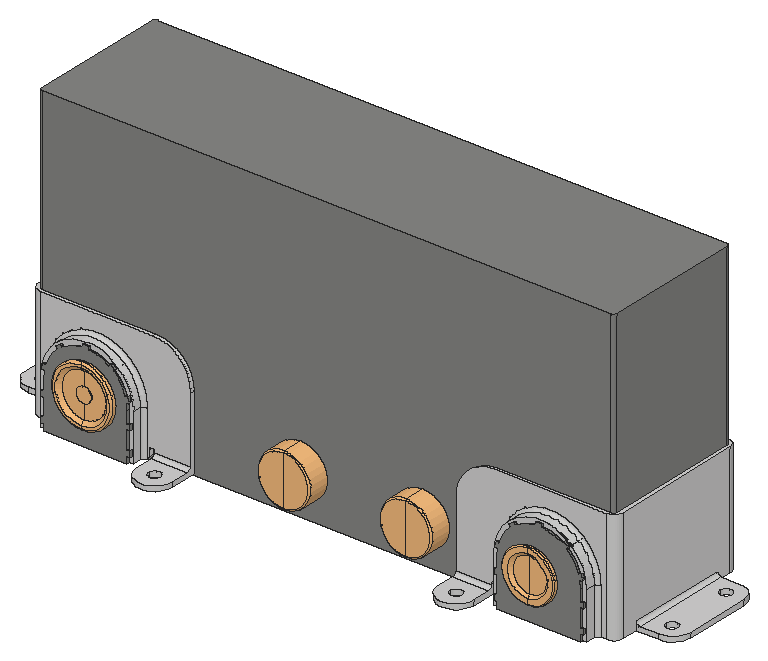
Revit family "Valve-Three_Outlet_Thermostatic-KOHLER-K-26341T_1", category Plumbing Fixtures, host Face, Revit 2017 (continued)
Definition of nested family "K-26341T"
  Automatic sketch dimensions
    curve 143 to curve 145 = 0"  (x2)
    curve 143 to curve 146 = 0"  (x2)
    curve 143 to curve 147 = 0"  (x2)
    curve 143 to curve 148 = 0"  (x2)
    curve 143 to curve 149 = 0"  (x2)
    curve 143 to curve 150 = 0"  (x2)
    curve 144 to curve 145 = 0"  (x2)
    curve 144 to curve 146 = 0"  (x2)
    curve 144 to curve 147 = 0"  (x2)
    curve 144 to curve 148 = 0"  (x2)
    curve 144 to curve 149 = 0"  (x2)
    curve 144 to curve 150 = 0"  (x2)
    curve 145 to curve 146 = 0"  (x2)
    curve 145 to curve 147 = 0"  (x2)
    curve 145 to curve 148 = 0"  (x2)
    curve 145 to curve 149 = 0"  (x2)
    curve 145 to curve 150 = 0"  (x2)
    curve 146 to curve 147 = 0"  (x2)
    curve 146 to curve 148 = 0"  (x2)
    curve 146 to curve 149 = 0"  (x2)
    curve 146 to curve 150 = 0"  (x2)
    curve 147 to curve 148 = 0"  (x2)
    curve 147 to curve 149 = 0"  (x2)
    curve 147 to curve 150 = 0"  (x2)
    curve 148 to curve 149 = 0"  (x2)
    curve 148 to curve 150 = 0"  (x2)
    curve 149 to curve 150 = 0"  (x2)
    curve 204 to curve 205 = 0"  (x2)
    curve 204 to curve 206 = 0"  (x2)
    curve 204 to curve 207 = 0"  (x2)
    curve 205 to curve 206 = 0"  (x2)
    curve 205 to curve 207 = 0"  (x2)
    curve 206 to curve 207 = 0"  (x2)
    curve 212 to curve 213 = 0"  (x2)
    curve 212 to curve 214 = 0"  (x2)
    curve 212 to curve 215 = 0"  (x2)
    curve 213 to curve 214 = 0"  (x2)
    curve 213 to curve 215 = 0"  (x2)
    curve 214 to curve 215 = 0"  (x2)
    curve 49 to plane 10 = 0"
    curve 40 to level = 0"
    curve 38 to plane 9 "1" = 0"
    curve 75 to level = 0"
    plane 20 to curve 215 = 0"
    curve 207 to plane 11 "A" = 0"
    plane 18 "3" to curve 207 = 0"
    curve 140 to plane 10 = 0"
    curve 132 to level = 0"
    plane 8 "2" to curve 149 = 0"
    curve 97 to level = 0"
    curve 146 to plane 11 "A" = 0"
    curve 214 to plane 11 "A" = 0"
    curve 33 to plane 10 = 0"
    curve 58 to plane 9 "1" = 0.04432"
    curve 56 to curve 58 = 0.43249"
    curve 55 to curve 56 = 0.03644"
    curve 54 to curve 56 = 0.09307"
    curve 55 to curve 53 = 0.03644"
    plane 10 to curve 51 = 0.26874"
    curve 51 to curve 54 = 0.24912"
    plane 10 to curve 52 = 0.15414"
    curve 52 to curve 51 = 0.02857"
    level to curve 40 = 0.1378"
    curve 40 to plane 9 "1" = 0.86125"
    curve 44 to curve 40 = 0"
    curve 47 to curve 44 = 0"
    plane 10 to curve 50 = 0.28306"
    curve 50 to curve 53 = 0.05742"
    curve 45 to curve 44 = 0.05906"
    curve 43 to curve 43 = 0.05906"
    plane 10 to curve 70 = 0.00264"
    curve 70 to curve 48 = 0.09843"
    plane 10 to curve 71 = 0.00659"
    curve 71 to curve 70 = 0.07874"
    plane 4 to curve 21 = 0.84646"
    curve 73 to curve 49 = 0"
    curve 72 to curve 73 = 0"
    plane 9 "1" to curve 60 = 0.07379"
    curve 61 to curve 63 = 0.43249"
    curve 61 to curve 63 = 0.03644"
    curve 61 to curve 64 = 0.09307"
    curve 65 to curve 64 = 0.03644"
    plane 10 to curve 68 = 0.26874"
    curve 68 to curve 73 = 0.14067"
    plane 10 to curve 66 = 0.15414"
    curve 65 to curve 66 = 0.02857"
    curve 75 to curve 84 = 0.09843"
    curve 78 to curve 75 = 0"
    plane 10 to curve 67 = 0.28306"
    curve 65 to curve 67 = 0.05742"
    curve 75 to curve 76 = 0.05906"
    curve 82 to curve 82 = 0.05906"
    curve 30 to curve 85 = 0.00197"
    curve 27 to curve 26 = 0.05118"
    curve 24 to curve 24 = 0.05906"
    curve 22 to plane 14 = 0.41339"
    level to curve 28 = 0.01969"
    plane 14 to curve 28 = 0.37402"
    plane 20 to curve 199 = 0.55703"
    curve 200 to curve 196 = 0.01718"
    curve 200 to plane 3 "Center (Left/Right)" = 0.01569"
    curve 199 to curve 197 = 0.01718"
    level to curve 93 = 0.01969"
    plane 17 to curve 93 = 0.37401"
    curve 90 to plane 17 = 0.37402"
    curve 86 to plane 17 = 0.41339"
    curve 89 to curve 89 = 0.05906"
    plane 10 to curve 142 = 0.00659"
    curve 142 to plane 17 = 0.54135"
    curve 142 to curve 95 = 0.00197"
    plane 10 to curve 141 = 0.00264"
    curve 129 to curve 141 = 0.07874"
    curve 130 to curve 139 = 0.03937"
    curve 141 to curve 133 = 0.03937"
    plane 10 to curve 124 = 0.16845"
    curve 130 to curve 124 = 7/128"
    plane 10 to curve 125 = 0.28306"
    curve 123 to curve 125 = 0.02857"
    curve 134 to curve 135 = 0.05906"
    curve 133 to curve 133 = 0.05906"
    curve 130 to curve 140 = 0.09843"
    level to curve 123 = 1.13839"
    plane 10 to curve 125 = 0.26874"
    plane 8 "2" to curve 119 = 0.44389"
    curve 119 to curve 121 = 0.03644"
    curve 119 to curve 120 = 0.09307"
    curve 119 to curve 120 = 0.03644"
    curve 117 to plane 8 "2" = 0.11811"
    curve 129 to curve 106 = 0"
    curve 130 to curve 106 = 0"
    curve 116 to curve 116 = 0.11811"
    curve 114 to curve 113 = 0.43249"
    curve 114 to curve 112 = 0.03644"
    curve 114 to curve 111 = 0.09307"
    curve 110 to curve 111 = 0.03644"
    plane 10 to curve 108 = 0.26874"
    curve 108 to curve 130 = 0.14067"
    plane 10 to curve 109 = 0.15414"
    curve 110 to curve 109 = 0.02857"
    curve 100 to curve 127 = 0.09843"
    curve 100 to curve 97 = 0"
    plane 10 to curve 107 = 0.28306"
    curve 110 to curve 107 = 0.05742"
    curve 101 to curve 102 = 0.05906"
    curve 97 to curve 99 = 0.05906"
    plane 19 to curve 86 = 0.84646"
    level to curve 95 = 0.01969"
    level to curve 30 = 0.01969"
    curve 84 to curve 76 = 0.11811"
    curve 95 to curve 132 = 0.11811"
    curve 97 to curve 98 = 0.1378"
    curve 26 to curve 24 = 0.14564"
    curve 91 to curve 91 = 0.14564"
    curve 75 to curve 78 = 0.11811"
    curve 41 to curve 42 = 0.11811"
    curve 133 to curve 134 = 0.11811"
    curve 98 to curve 99 = 0.11811"
    plane 11 "A" to curve 137 = 0.25591"
    plane 11 "A" to curve 45 = 0.25591"
    plane 11 "A" to curve 80 = 0.25591"
    plane 11 "A" to curve 103 = 0.25591"
    curve 80 to curve 82 = 0.11811"
    curve 102 to curve 103 = 0.11811"
    curve 136 to curve 140 = 0.11811"
    curve 44 to curve 48 = 0.11811"
    plane 10 to curve 88 = 0.61024"
    plane 10 to curve 23 = 0.61024"
    curve 110 to curve 112 = 0.04664"
    curve 65 to curve 62 = 0.04664"
    curve 121 to curve 119 = 0.04664"
    curve 53 to curve 54 = 0.04664"
    curve 114 to curve 115 = 0.05918"
    curve 57 to curve 58 = 0.05918"
    plane 10 to curve 199 = 2.24135"
    curve 198 to curve 200 = 0.38428"
    curve 199 to curve 194 = 0.47517"
    curve 200 to curve 195 = 0.47517"
    curve 194 to curve 197 = 1.1811"
    curve 195 to curve 194 = 1.1811"
    curve 151 to plane 7 = 0.37402"
    plane 4 to curve 151 = 0.94488"
    level to curve 31 = 0.01969"
    curve 31 to curve 74 = 0.32315"
    plane 3 "Center (Left/Right)" to curve 198 = 0.00149"
    plane 19 to curve 151 = 0.94488"
    level to curve 96 = 0.01969"
    curve 131 to curve 96 = 0.32315"
    curve 88 to curve 94 = 0.09843"
    curve 29 to curve 25 = 0.09839"
    level to curve 207 = 0.33465"
    level to curve 212 = 0.33465"
    level to curve 150 = 0.33465"
    level to curve 36 = 0.34445"
    curve 143 to curve 144 = 0.01969"
    curve 204 to curve 206 = 0.02833"
    curve 212 to curve 213 = 0.02833"
    curve 35 to curve 34 = 0.03942"
    curve 37 to curve 38 = 0.05704"
    curve 144 to curve 145 = 0.11308"
    curve 33 to curve 39 = 0.07881"
    curve 145 to curve 146 = 0.05913"
    plane 15 to Extrusion 1 sketch curve = 0"
    Extrusion 1 sketch curve to plane 16 = 0"
    plane 15 to Extrusion 1 sketch curve = 0.07874"  (x2)
    plane 4 to Extrusion 1 sketch curve = 0.94488"
    Extrusion 1 sketch curve to Extrusion 1 sketch curve = 0.07874"  (x2)
    plane 19 to Extrusion 1 sketch curve = 1.02362"
    plane 4 to Extrusion 2 sketch curve = 0.84646"
    level to Extrusion 2 sketch curve = 0.01969"  (x4)
    Extrusion 2 sketch curve to plane 14 = 0.54331"
    Extrusion 2 sketch curve to Extrusion 2 sketch curve = 0.05118"  (x2)
    Extrusion 2 sketch curve to Extrusion 2 sketch curve = 0.05906"  (x2)
    Extrusion 2 sketch curve to plane 14 = 0.41339"
    plane 14 to Extrusion 2 sketch curve = 0.37402"
    plane 17 to Extrusion 2 sketch curve = 0.37401"
    Extrusion 2 sketch curve to plane 17 = 0.37402"
    Extrusion 2 sketch curve to plane 17 = 0.41339"
    plane 19 to Extrusion 2 sketch curve = 0.84646"
    Extrusion 2 sketch curve to Extrusion 2 sketch curve = 0.14564"  (x2)
    plane 10 to Extrusion 2 sketch curve = 0.61024"  (x2)
    Sweep 3 sketch curve to profile plane = 0"  (x2)
    Sweep 3 sketch curve to profile plane = 0.19685"
    Sweep 4 sketch curve to profile plane = 0"  (x2)
    Sweep 4 sketch curve to profile plane = 0.19685"
    profile plane to Sweep 5 sketch curve = 0"
    Sweep 5 sketch curve to profile plane = 0"
    Sweep 5 sketch curve to Sweep 5 sketch curve = 0.19685"
    profile plane to Sweep 6 sketch curve = 0"
    Sweep 6 sketch curve to profile plane = 0"
    Sweep 6 sketch curve to profile plane = 0.19685"
    Extrusion 7 sketch curve to Extrusion 7 sketch curve = 0"  (x12)
    Extrusion 7 sketch curve to plane 4 = 0"
    Extrusion 7 sketch curve to plane 14 = 0"  (x2)
    Extrusion 7 sketch curve to plane 19 = 0"
    plane 4 to Extrusion 7 sketch curve = 0.37402"  (x2)
    Extrusion 7 sketch curve to Extrusion 7 sketch curve = 0.47244"
    Extrusion 7 sketch curve to plane 15 = 0.07874"  (x2)
    Extrusion 7 sketch curve to plane 14 = 0.37401"  (x2)
    Extrusion 7 sketch curve to plane 16 = 0.07874"  (x2)
    plane 17 to Extrusion 7 sketch curve = 0.374"  (x2)
    Extrusion 7 sketch curve to plane 17 = 0"  (x2)
    plane 15 to Extrusion 7 sketch curve = 0.45276"
    plane 19 to Extrusion 7 sketch curve = 0.84646"
    plane 19 to Extrusion 7 sketch curve = 0.37402"  (x2)
    plane 13 to Extrusion 7 sketch curve = 0.07874"  (x2)
    plane 16 to Extrusion 7 sketch curve = 0.45276"  (x2)
    Extrusion 7 sketch curve to Extrusion 7 sketch curve = 0.01969"  (x4)
    Extrusion 7 sketch curve to plane 1 "Center (Front/Back)" = 0.68898"
    plane 12 to Extrusion 7 sketch curve = 0.07874"  (x2)
    level to Extrusion 8 sketch curve = 0.01969"  (x2)
    Extrusion 8 sketch curve to plane 9 "1" = 0.95968"
    plane 10 to Extrusion 8 sketch curve = 0.00264"
    plane 9 "1" to Extrusion 8 sketch curve = 0.01473"
    plane 10 to Extrusion 8 sketch curve = 0.00659"
    Extrusion 8 sketch curve to plane 17 = 0.62009"
    Extrusion 8 sketch curve to plane 8 "2" = 0.17717"
    Extrusion 9 sketch curve to Extrusion 9 sketch curve = 0"  (x66)
    Extrusion 9 sketch curve to level = 0"  (x2)
    Extrusion 9 sketch curve to plane 10 = 0"  (x3)
    Extrusion 9 sketch curve to plane 9 "1" = 0"
    plane 8 "2" to Extrusion 9 sketch curve = 0"
    Extrusion 9 sketch curve to plane 11 "A" = 0"
    Extrusion 9 sketch curve to plane 9 "1" = 0.04432"
    Extrusion 9 sketch curve to Extrusion 9 sketch curve = 0.43249"  (x3)
    Extrusion 9 sketch curve to Extrusion 9 sketch curve = 0.03644"  (x8)
    Extrusion 9 sketch curve to Extrusion 9 sketch curve = 0.09307"  (x4)
    plane 10 to Extrusion 9 sketch curve = 0.26874"  (x4)
    Extrusion 9 sketch curve to Extrusion 9 sketch curve = 0.24912"  (x3)
    plane 10 to Extrusion 9 sketch curve = 0.15414"  (x3)
    Extrusion 9 sketch curve to Extrusion 9 sketch curve = 0.02857"  (x4)
    Extrusion 9 sketch curve to Extrusion 9 sketch curve = 0.01367"
    plane 10 to Extrusion 9 sketch curve = 0.28306"  (x4)
    Extrusion 9 sketch curve to Extrusion 9 sketch curve = 0.05742"  (x3)
    Extrusion 9 sketch curve to Extrusion 9 sketch curve = 0.05906"  (x9)
    plane 9 "1" to Extrusion 9 sketch curve = 0.07379"
    Extrusion 9 sketch curve to plane 14 = 0.7185"
    plane 11 "A" to Extrusion 9 sketch curve = 0.1378"
    Extrusion 9 sketch curve to plane 17 = 0.65946"
    plane 10 to Extrusion 9 sketch curve = 0.16845"
    Extrusion 9 sketch curve to Extrusion 9 sketch curve = 0.0153"
    level to Extrusion 9 sketch curve = 1.13839"
    plane 8 "2" to Extrusion 9 sketch curve = 0.44389"
    Extrusion 9 sketch curve to plane 8 "2" = 0.11811"
    Extrusion 9 sketch curve to Extrusion 9 sketch curve = 0.11811"  (x9)
    Extrusion 9 sketch curve to Extrusion 9 sketch curve = 0.1378"  (x3)
    level to Extrusion 9 sketch curve = 0.1378"
    plane 11 "A" to Extrusion 9 sketch curve = 0.25591"  (x3)
    Extrusion 9 sketch curve to Extrusion 9 sketch curve = 0.04664"  (x4)
    Extrusion 9 sketch curve to Extrusion 9 sketch curve = 0.05918"  (x2)
    Revolve 10 sketch curve to plane 10 = 0"  (x3)
    Revolve 10 sketch curve to plane 13 = 0"
    Revolve 10 sketch curve to plane 12 = 0"
    Revolve 10 sketch curve to plane 15 = 0"
    Revolve 10 sketch curve to plane 16 = 0"
    Revolve 10 sketch curve to plane 12 = 0.07881"
    plane 10 to Revolve 10 sketch curve = 0.46454"  (x2)
    Revolve 10 sketch curve to plane 13 = 0.07881"
    Revolve 10 sketch curve to Revolve 10 sketch curve = 0.07881"  (x2)
    Revolve 10 sketch curve to Revolve 10 sketch curve = 0.05704"  (x2)
    Revolve 10 sketch curve to Revolve 10 sketch curve = 0.03942"
    Revolve 10 sketch curve to Revolve 10 sketch curve = 0.17527"
    Revolve 10 sketch curve to plane 12 = 0.03942"
    Revolve 10 sketch curve to plane 13 = 0.03942"
    plane 5 to Revolve 10 sketch curve = 0.19685"
    Revolve 10 sketch curve to Revolve 10 sketch curve = 0.07874"
    plane 11 "A" to Revolve 11 sketch curve = 0"  (x3)
    Revolve 11 sketch curve to plane 13 = 0.07881"
    plane 10 to Revolve 11 sketch curve = 0.26086"  (x2)
    Revolve 11 sketch curve to plane 12 = 0.07881"
    Revolve 11 sketch curve to plane 12 = 0.01969"
    Revolve 11 sketch curve to Revolve 11 sketch curve = 0.05913"  (x2)
    Revolve 11 sketch curve to plane 13 = 0.01969"
    Revolve 11 sketch curve to Revolve 11 sketch curve = 0.11308"  (x2)
    Revolve 11 sketch curve to plane 13 = 0.04488"
    Revolve 11 sketch curve to Revolve 11 sketch curve = 0.01969"  (x2)
    Revolve 11 sketch curve to Revolve 11 sketch curve = 0.0252"
    Revolve 11 sketch curve to plane 15 = 0.09843"
    Revolve 11 sketch curve to plane 16 = 0.09843"
    plane 5 to Revolve 11 sketch curve = 0.32325"
    Revolve 11 sketch curve to plane 6 = 0.16487"
    profile plane to Sweep 12 sketch curve = 0"
    Sweep 12 sketch curve to profile plane = 0"
    Sweep 12 sketch curve to Sweep 12 sketch curve = 0.07874"
    Sweep 13 sketch curve to profile plane = 0"
    profile plane to Sweep 13 sketch curve = 0"
    profile plane to Sweep 13 sketch curve = 0.07874"
    profile plane to Sweep 14 sketch curve = 0"
    Sweep 14 sketch curve to profile plane = 0"
    Sweep 14 sketch curve to Sweep 14 sketch curve = 0.07874"
    Extrusion 15 sketch curve to plane 16 = 0.15748"
    Extrusion 15 sketch curve to Extrusion 15 sketch curve = 0.07874"  (x2)
    Extrusion 15 sketch curve to plane 15 = 0.07874"
    level to Extrusion 15 sketch curve = 0.11811"  (x2)
    Extrusion 16 sketch curve to plane 16 = 0.15748"
    Extrusion 16 sketch curve to Extrusion 16 sketch curve = 0.07874"  (x2)
    Extrusion 16 sketch curve to plane 15 = 0.07874"
    level to Extrusion 16 sketch curve = 0.11811"  (x2)
    plane 15 to Masking region 1 sketch curve = 0.11811"  (x2)
    Masking region 1 sketch curve to plane 15 = 0.07874"
    Masking region 1 sketch curve to plane 16 = 0.07874"
    Masking region 1 sketch curve to Masking region 1 sketch curve = 0.19685"
    Masking region 1 sketch curve to Masking region 1 sketch curve = 5.93504"  (x2)
    Masking region 2 sketch curve to plane 4 = 0"
    Masking region 2 sketch curve to level = 0"
    Masking region 2 sketch curve to plane 7 = 0"
    plane 19 to Masking region 2 sketch curve = 0"
    level to Masking region 2 sketch curve = 0.11811"  (x2)
    plane 4 to Masking region 2 sketch curve = 0.76772"
    plane 4 to Masking region 2 sketch curve = 0.84646"
    level to Masking region 2 sketch curve = 0.01969"  (x2)
    Masking region 2 sketch curve to Masking region 2 sketch curve = 0.15104"
    Masking region 2 sketch curve to Masking region 2 sketch curve = 0.02612"  (x2)
    plane 4 to Masking region 2 sketch curve = 0.94488"
    plane 19 to Masking region 2 sketch curve = 0.94488"  (x2)
    Masking region 2 sketch curve to Masking region 2 sketch curve = 0.0723"
    Masking region 2 sketch curve to Masking region 2 sketch curve = 0.07874"
    plane 10 to Masking region 2 sketch curve = 1.39764"  (x2)
    Masking region 3 sketch curve to plane 7 = 0"
    Masking region 3 sketch curve to plane 15 = 0"
    Masking region 3 sketch curve to plane 16 = 0"
    Masking region 3 sketch curve to plane 12 = 0"
    Masking region 3 sketch curve to plane 13 = 0"
    Masking region 3 sketch curve to plane 5 = 0"
    Masking region 3 sketch curve to plane 6 = 0"
    Masking region 3 sketch curve to level = 0"
    Masking region 3 sketch curve to plane 15 = 0.07874"
    plane 10 to Masking region 3 sketch curve = 1.39764"  (x2)
    Masking region 3 sketch curve to Masking region 3 sketch curve = 0.33789"  (x2)
    Masking region 3 sketch curve to plane 16 = 0.07874"
    Masking region 3 sketch curve to Masking region 3 sketch curve = 0.07874"  (x3)
    Masking region 3 sketch curve to Masking region 3 sketch curve = 0.04783"  (x2)
    Masking region 3 sketch curve to plane 12 = 0.05906"
    Masking region 3 sketch curve to Masking region 3 sketch curve = 0.27373"
    Masking region 3 sketch curve to plane 13 = 0.09843"
    Masking region 3 sketch curve to Masking region 3 sketch curve = 0.29337"
    Masking region 3 sketch curve to Masking region 3 sketch curve = 0.05906"
    Masking region 3 sketch curve to Masking region 3 sketch curve = 0.03942"
    level to Masking region 3 sketch curve = 0.38387"  (x2)
    Masking region 3 sketch curve to plane 12 = 0.01969"
    Masking region 3 sketch curve to Masking region 3 sketch curve = 0.02954"
    Masking region 3 sketch curve to plane 13 = 0.04488"
    Masking region 3 sketch curve to Masking region 3 sketch curve = 0.04922"
    Masking region 3 sketch curve to Masking region 3 sketch curve = 0.03076"
    Masking region 3 sketch curve to Masking region 3 sketch curve = 0.11811"
    level to Masking region 3 sketch curve = 0.11811"
    level to Masking region 3 sketch curve = 0.01969"  (x2)
    Masking region 3 sketch curve to plane 12 = 0.03293"
    Masking region 3 sketch curve to Masking region 3 sketch curve = 0.02612"  (x2)
    Masking region 3 sketch curve to Masking region 3 sketch curve = 0.03937"  (x2)
    Masking region 3 sketch curve to Masking region 3 sketch curve = 0.05354"
    Masking region 3 sketch curve to plane 13 = 0.05906"
    Masking region 3 sketch curve to plane 13 = 0.03942"
    curve 173 to plane 16 = 0"
    curve 173 to plane 15 = 0"
    curve 191 to plane 13 = 0"
    curve 172 to plane 12 = 0"
    curve 178 to plane 1 "Center (Front/Back)" = 0"
    curve 177 to level = 0"
    curve 179 to level = 0"
    curve 158 to level = 0"
    curve 160 to level = 0"
    curve 160 to plane 15 = 0"
    curve 179 to plane 16 = 0"
    level to curve 159 = 0.01969"
    curve 208 to curve 208 = 0.1381"
    curve 155 to curve 155 = 0.13977"
    curve 191 to plane 13 = 0.03942"
    curve 191 to curve 176 = 0.32476"
    curve 152 to plane 15 = 0.07874"
    plane 10 to curve 152 = 1.39764"
    curve 157 to plane 12 = 0.1378"
    plane 15 to curve 208 = 0.32889"
    curve 208 to curve 209 = 0.06193"
    plane 16 to curve 155 = 0.45276"
    curve 155 to curve 211 = 0.06314"
    curve 175 to plane 16 = 0.07874"
    curve 176 to plane 13 = 0.1378"
    level to curve 174 = 0.01969"
    curve 192 to curve 177 = 0.01969"
    curve 155 to curve 154 = 0.04134"
    curve 161 to curve 157 = 0.11811"
    curve 180 to curve 192 = 0.11811"
    curve 193 to curve 181 = 0.08854"
    curve 162 to plane 12 = 0.05906"
    curve 162 to curve 161 = 0.11811"
    curve 171 to plane 12 = 0.03942"
    curve 171 to curve 162 = 0.083"
    curve 172 to curve 171 = 0.00554"
    curve 172 to curve 172 = 0.03942"
    curve 191 to curve 190 = 0.03942"
    curve 182 to plane 13 = 0.09843"
    plane 11 "A" to curve 182 = 0.25591"
    curve 163 to curve 172 = 0.24605"
    curve 164 to curve 163 = 0.11811"
    curve 183 to curve 182 = 0.11811"
    plane 10 to curve 184 = 0.15414"
    plane 10 to curve 165 = 0.15414"
    curve 185 to curve 184 = 0.01432"
    curve 166 to curve 165 = 0.01432"
    curve 167 to curve 166 = 0.1146"
    curve 186 to curve 185 = 0.1146"
    curve 190 to curve 186 = 0.35675"
    curve 171 to curve 167 = 0.35675"
    curve 168 to curve 171 = 0.01255"
    curve 187 to curve 190 = 0.01255"
    curve 169 to curve 168 = 0.04664"
    curve 188 to curve 187 = 0.04664"
    curve 170 to curve 169 = 0.07272"
    curve 189 to curve 188 = 0.07272"
    curve 158 to curve 170 = 0.16146"
    curve 177 to curve 189 = 0.16146"
    curve 157 to curve 158 = 0.04783"
    curve 176 to curve 177 = 0.04783"
    curve 173 to plane 7 = 0.26084"
    plane 12 to curve 174 = 0.12123"
    curve 160 to plane 15 = 0.02811"
    curve 179 to plane 16 = 0.02811"
    plane 13 to curve 192 = 0.12123"
    plane 15 to Extrusion 17 sketch curve = 0"
    Extrusion 17 sketch curve to plane 16 = 0"
    plane 4 to Extrusion 17 sketch curve = 0.94488"
    plane 19 to Extrusion 17 sketch curve = 0.94488"
    Extrusion 18 sketch curve to level = 0"  (x2)
    Extrusion 18 sketch curve to plane 9 "1" = 0.86125"
    plane 10 to Extrusion 18 sketch curve = 0.00545"  (x2)
    plane 9 "1" to Extrusion 18 sketch curve = 0.01473"
    plane 8 "2" to Extrusion 18 sketch curve = 0.69882"
    Extrusion 18 sketch curve to plane 8 "2" = 0.17717"
    plane 15 to Extrusion 19 sketch curve = 0"  (x2)
    Extrusion 19 sketch curve to plane 16 = 0"  (x2)
    Extrusion 19 sketch curve to plane 16 = 0.07874"  (x2)
    plane 4 to Extrusion 19 sketch curve = 0.84646"
    Extrusion 19 sketch curve to Extrusion 19 sketch curve = 0.09843"  (x2)
    plane 14 to Extrusion 19 sketch curve = 0.37402"  (x2)
    plane 17 to Extrusion 19 sketch curve = 0.37401"  (x2)
    plane 19 to Extrusion 19 sketch curve = 0.94488"
    Extrusion 19 sketch curve to plane 15 = 0.07874"
    Extrusion 19 sketch curve to Extrusion 19 sketch curve = 0.07874"
    Extrusion 20 sketch curve to Extrusion 20 sketch curve = 0"  (x16)
    Extrusion 20 sketch curve to plane 4 = 0"
    Extrusion 20 sketch curve to plane 5 = 0"  (x2)
    plane 6 to Extrusion 20 sketch curve = 0"  (x2)
    Extrusion 20 sketch curve to plane 19 = 0"
    plane 4 to Extrusion 20 sketch curve = 0.37402"  (x2)
    Extrusion 20 sketch curve to Extrusion 20 sketch curve = 0.47244"
    Extrusion 20 sketch curve to plane 14 = 0.37401"  (x2)
    Extrusion 20 sketch curve to plane 16 = 0.07874"  (x2)
    plane 14 to Extrusion 20 sketch curve = 0"  (x2)
    plane 14 to Extrusion 20 sketch curve = 0.37402"  (x2)
    plane 17 to Extrusion 20 sketch curve = 0.374"  (x2)
    Extrusion 20 sketch curve to plane 17 = 0"  (x2)
    Extrusion 20 sketch curve to plane 15 = 0.07874"  (x2)
    Extrusion 20 sketch curve to plane 17 = 0.37402"  (x2)
    plane 19 to Extrusion 20 sketch curve = 0.84646"
    plane 19 to Extrusion 20 sketch curve = 0.37402"  (x2)
    plane 13 to Extrusion 20 sketch curve = 0.07874"  (x2)
    plane 16 to Extrusion 20 sketch curve = 0.45276"  (x2)
    Extrusion 20 sketch curve to Extrusion 20 sketch curve = 0.35433"  (x4)
    Extrusion 20 sketch curve to plane 1 "Center (Front/Back)" = 0.70866"  (x2)
    plane 12 to Extrusion 20 sketch curve = 0.07874"  (x2)
    Extrusion 20 sketch curve to Extrusion 20 sketch curve = 0.12598"  (x4)
    Extrusion 20 sketch curve to plane 14 = 0.12598"  (x2)
    plane 17 to Extrusion 20 sketch curve = 0.12597"  (x2)
    Extrusion 21 sketch curve to plane 9 "1" = 0"
    Extrusion 21 sketch curve to plane 10 = 0"
    Extrusion 22 sketch curve to plane 9 "1" = 0"
    plane 8 "2" to Extrusion 22 sketch curve = 0"
    Extrusion 22 sketch curve to plane 11 "A" = 0"
    Extrusion 22 sketch curve to plane 10 = 0"
    level to Extrusion 23 sketch curve = 0.11811"  (x2)
    plane 4 to Extrusion 23 sketch curve = 0.76772"
    Extrusion 23 sketch curve to Extrusion 23 sketch curve = 0.07874"  (x2)
    plane 19 to Extrusion 23 sketch curve = 0.84646"
    Revolve 24 sketch curve to plane 15 = 0"
    Revolve 24 sketch curve to plane 16 = 0"
    plane 11 "A" to Revolve 24 sketch curve = 0"  (x3)
    Revolve 24 sketch curve to plane 13 = 0.01969"
    plane 10 to Revolve 24 sketch curve = 0.42443"  (x2)
    Revolve 24 sketch curve to plane 12 = 0.01969"
    Revolve 24 sketch curve to Revolve 24 sketch curve = 0.02833"  (x3)
    Revolve 24 sketch curve to plane 12 = 0.04801"
    plane 5 to Revolve 24 sketch curve = 1.51581"
    plane 6 to Revolve 24 sketch curve = 0.49208"
    Sweep 25 sketch curve to profile plane = 0"
    profile plane to Sweep 25 sketch curve = 0"
    profile plane to Sweep 25 sketch curve = 0.07874"
    Extrusion 26 sketch curve to Extrusion 26 sketch curve = 0"  (x4)
    Extrusion 26 sketch curve to plane 11 "A" = 0"  (x2)
    plane 20 to Extrusion 26 sketch curve = 0"
    plane 18 "3" to Extrusion 26 sketch curve = 0"
    level to Extrusion 26 sketch curve = 0.33465"  (x2)
    Revolve 27 sketch curve to plane 15 = 0"
    Revolve 27 sketch curve to plane 16 = 0"
    plane 11 "A" to Revolve 27 sketch curve = 0"  (x3)
    Revolve 27 sketch curve to plane 13 = 0.01969"
    plane 10 to Revolve 27 sketch curve = 0.42443"  (x2)
    Revolve 27 sketch curve to plane 12 = 0.01969"
    Revolve 27 sketch curve to Revolve 27 sketch curve = 0.02833"  (x3)
    Revolve 27 sketch curve to plane 12 = 0.04801"
    plane 5 to Revolve 27 sketch curve = 1.51581"
    plane 6 to Revolve 27 sketch curve = 0.49208"
    curve 216 to Revolve 28 sketch curve = 0.15748"
    Revolve 28 sketch curve to curve 216 = 0.20097"
    curve 216 to Revolve 28 sketch curve = 0.09752"
    curve 216 to Revolve 28 sketch curve = 0.38443"
    Revolve 29 sketch curve to curve 217 = 0"
    Revolve 29 sketch curve to curve 217 = 0.08207"
    Revolve 29 sketch curve to curve 217 = 0.15748"
    Revolve 29 sketch curve to Revolve 29 sketch curve = 0.9252"
    curve 218 to Revolve 30 sketch curve = 0.49049"
    curve 218 to Revolve 30 sketch curve = 0.73125"
    Revolve 30 sketch curve to curve 218 = 0.15748"
    Revolve 30 sketch curve to Revolve 30 sketch curve = 0.07202"
    curve 216 to plane 20 = 0"
    curve 217 to plane 18 "3" = 0"
    curve 218 to plane 8 "2" = 0"
    plane 16 to Masking region 1 sketch curve = 0.11811"
    plane 4 to Masking region 1 sketch curve = 1.04331"
    Masking region 1 sketch curve to Masking region 1 sketch curve = 1.496"
    Masking region 1 sketch curve to Masking region 1 sketch curve = 1.23031"
    Masking region 1 sketch curve to plane 3 "Center (Left/Right)" = 0"
    plane 15 to curve 14 = 0"
    curve 17 to plane 16 = 0"
    plane 16 to curve 16 = 0.07874"
    plane 4 to curve 16 = 0.94488"
    curve 15 to curve 15 = 0.07874"
    plane 19 to curve 14 = 1.02362"
    plane 19 to curve 17 = 1.02362"
    curve 219 to curve 19 = 0.07874"
    radius of Extrusion 7 sketch curve = 0.12598"  (x8)
    radius of Extrusion 9 sketch curve = 0.54335"
    radius of Extrusion 9 sketch curve = 0.41841"
    radius of Extrusion 21 sketch curve = 0.15748"
    radius of Extrusion 22 sketch curve = 0.63981"
    radius of Extrusion 22 sketch curve = 0.55118"
